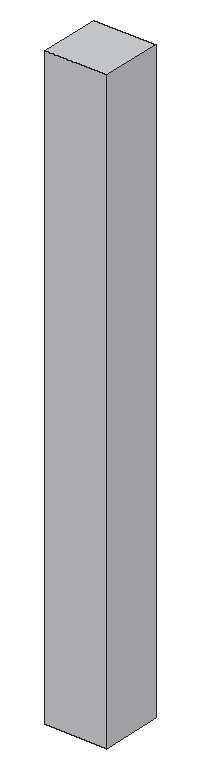
Revit family "Column", category Structural Columns, Revit 2026
Family settings
  Display in Hidden Views = Edges Hidden by Other Members
  Section Shape = Not Defined
  Material for Model Behavior = Concrete
  Always export as geometry = No
  Beam cutback in plan = From bounding box
  Classification Number = 23.25.30.11.14.11
  Cut with Voids When Loaded = No
  Symbolic Representation = From Family
  Shared = No
  Show family pre-cut in plan views = Yes
Parameters (values of type "240x240")
  Structural Material [instance] = Concrete, Cast-in-Place - C35
  Height [instance] = 2450 mm
  Depth = 250 mm
  Width = 250 mm
Types (16, lengths in mm): name | Height | Depth | Width
  200x200 | 4000 | 200 | 200
  360x200 | 3500 | 200 | 360
  200x1090 | 4000 | 200 | 1090
  200x760 | 3500 | 200 | 760
  200x380 | 3500 | 200 | 380
  200x300 | 4000 | 200 | 300
  200x580 | 4000 | 200 | 580
  200x640 | 4000 | 200 | 640
  250x250 | 4000 | 250 | 250
  330x360 | 4000 | 360 | 330
  200x360 | 4000 | 360 | 200
  200x240 | 5160 | 240 | 200
  240x240 | 2450 | 250 | 250
  200x200 L=3350 | 3350 | 200 | 200
  200x240 L=3500 | 3500 | 240 | 200
  200x240 L=1140 | 1140 | 240 | 200
Reference planes
  plane 1 "Center (Front/Back)": y = 0
  plane 2: z = 0
  plane 3 "Center (Left/Right)": x = 0
  plane 4 "Left": x = -250
  plane 5 "Right": x = 250
  plane 6 "Back": y = 250
  plane 7 "Front": y = -250
Forms (mm)
  Extrusion 1, solid
    sketch origin (0, 0, 0) x (1, 0, 0) y (0, 1, 0)
      loop
        line (-150, 150) -> (-150, -100) -> (100, -100) -> (100, 150) -> (-150, 150)
    from 0 to 2450
Dimensions and locks
  equal spacing: plane 4 "Left", plane 3 "Center (Left/Right)", plane 5 "Right"
  equal spacing: plane 7 "Front", plane 1 "Center (Front/Back)", plane 6 "Back"
  "Width": Extrusion 1 to Extrusion 1
  "Depth": Extrusion 1 to Extrusion 1
  "Height": Extrusion 1 to Extrusion 1
  aligned and locked: level to plane 2
Automatic sketch dimensions
  Extrusion 1 sketch curve to plane 3 "Center (Left/Right)" = 150 mm
  plane 3 "Center (Left/Right)" to Extrusion 1 sketch curve = 100 mm
  plane 1 "Center (Front/Back)" to Extrusion 1 sketch curve = 100 mm
  Extrusion 1 sketch curve to plane 1 "Center (Front/Back)" = 150 mm
